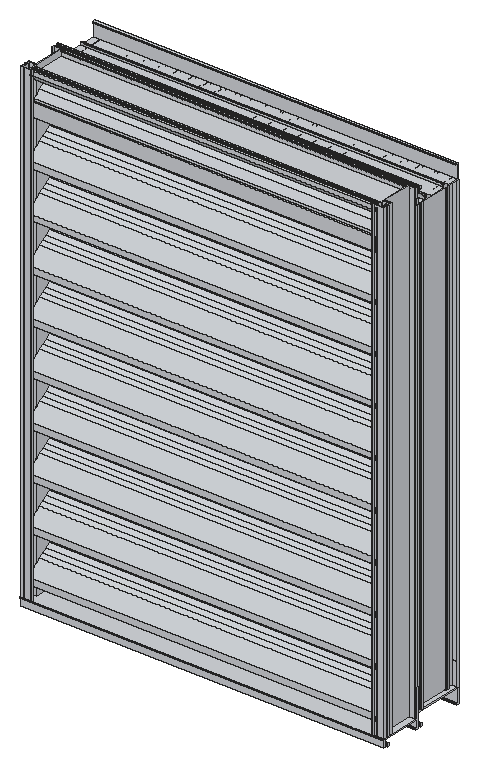
Revit family "D-HV-9", category Mechanical Equipment, Revit 2021 (continued)
Definition of nested family "EL-4"
  Automatic sketch dimensions
    Extrusion 1 sketch curve to plane 7 = 0' - 0"  (x2)
    plane 1 "Center (Front/Back)" to Extrusion 1 sketch curve = 0' - 0"
    Extrusion 1 sketch curve to plane 1 "Center (Front/Back)" = 0' - 0.05163"
    Extrusion 1 sketch curve to plane 1 "Center (Front/Back)" = 0' - 0.13263"
    Extrusion 1 sketch curve to Extrusion 1 sketch curve = 0' - 0"
    Extrusion 1 sketch curve to Extrusion 1 sketch curve = 0' - 0.081"  (x8)
    Extrusion 1 sketch curve to Extrusion 1 sketch curve = 0' - 0.107"  (x2)
    Extrusion 1 sketch curve to Extrusion 1 sketch curve = 0' - 0.138"
    Extrusion 1 sketch curve to Extrusion 1 sketch curve = 0' - 0.219"
    Extrusion 1 sketch curve to Extrusion 1 sketch curve = 0' - 0.062"  (x2)
    Extrusion 1 sketch curve to plane 4 = 0' - 0.127"
    Extrusion 1 sketch curve to Extrusion 1 sketch curve = 0' - 0.338"
    Extrusion 1 sketch curve to Extrusion 1 sketch curve = 0' - 2.893"
    plane 7 to Extrusion 1 sketch curve = 0' - 0.081"  (x2)
    Extrusion 1 sketch curve to Extrusion 1 sketch curve = 0' - 0.031"
    Extrusion 1 sketch curve to Extrusion 1 sketch curve = 0' - 0.05"
    Extrusion 1 sketch curve to plane 4 = 0' - 0.046"  (x3)
    Extrusion 1 sketch curve to Extrusion 1 sketch curve = 0' - 0.088"
    Extrusion 1 sketch curve to plane 7 = 0' - 0.18846"
    Extrusion 1 sketch curve to Extrusion 1 sketch curve = 0' - 0.291"
    Extrusion 1 sketch curve to Extrusion 1 sketch curve = 0' - 0.10254"
    Extrusion 2 sketch curve to plane 5 = 0' - 0"  (x2)
    Extrusion 2 sketch curve to plane 8 = 0' - 0"  (x2)
    plane 1 "Center (Front/Back)" to Extrusion 2 sketch curve = 0' - 0"
    Extrusion 2 sketch curve to plane 1 "Center (Front/Back)" = 0' - 0.05163"
    Extrusion 2 sketch curve to plane 1 "Center (Front/Back)" = 0' - 0.13263"
    Extrusion 2 sketch curve to Extrusion 2 sketch curve = 0' - 0"
    Extrusion 2 sketch curve to Extrusion 2 sketch curve = 0' - 0.081"  (x6)
    Extrusion 2 sketch curve to Extrusion 2 sketch curve = 0' - 0.107"  (x2)
    Extrusion 2 sketch curve to Extrusion 2 sketch curve = 0' - 0.138"
    Extrusion 2 sketch curve to Extrusion 2 sketch curve = 0' - 0.219"
    Extrusion 2 sketch curve to Extrusion 2 sketch curve = 0' - 0.062"  (x2)
    plane 5 to Extrusion 2 sketch curve = 0' - 0.127"  (x2)
    Extrusion 2 sketch curve to Extrusion 2 sketch curve = 0' - 0.338"
    Extrusion 2 sketch curve to Extrusion 2 sketch curve = 0' - 2.893"
    Extrusion 2 sketch curve to plane 8 = 0' - 0.081"  (x2)
    Extrusion 2 sketch curve to Extrusion 2 sketch curve = 0' - 0.031"
    Extrusion 2 sketch curve to Extrusion 2 sketch curve = 0' - 0.05"
    plane 8 to Extrusion 2 sketch curve = 0' - 0.18846"
    Extrusion 2 sketch curve to Extrusion 2 sketch curve = 0' - 0.291"
    Extrusion 2 sketch curve to Extrusion 2 sketch curve = 0' - 0.10254"
    plane 5 to Extrusion 2 sketch curve = 0' - 0.296"
    Extrusion 2 sketch curve to Extrusion 2 sketch curve = 0' - 0.088"
    plane 5 to Extrusion 2 sketch curve = 0' - 0.046"  (x3)
    Extrusion 3 sketch curve to plane 1 "Center (Front/Back)" = 0' - 0"
    Extrusion 3 sketch curve to level = 0' - 0"  (x2)
    Extrusion 3 sketch curve to plane 9 = 0' - 0"
    Extrusion 3 sketch curve to Extrusion 3 sketch curve = 0' - 0.05163"
    Extrusion 3 sketch curve to Extrusion 3 sketch curve = 0' - 0.081"  (x6)
    Extrusion 3 sketch curve to Extrusion 3 sketch curve = 0' - 0"  (x2)
    Extrusion 3 sketch curve to Extrusion 3 sketch curve = 0' - 0.137"
    level to Extrusion 3 sketch curve = 0' - 0.075"  (x2)
    Extrusion 3 sketch curve to Extrusion 3 sketch curve = 0' - 0.219"
    Extrusion 3 sketch curve to Extrusion 3 sketch curve = 0' - 0.063"  (x2)
    Extrusion 3 sketch curve to Extrusion 3 sketch curve = 0' - 3.393"
    Extrusion 3 sketch curve to Extrusion 3 sketch curve = 0' - 0.107"
    level to Extrusion 3 sketch curve = 0' - 0.081"
    Extrusion 3 sketch curve to Extrusion 3 sketch curve = 0' - 0.088"
    Extrusion 3 sketch curve to plane 9 = 0' - 0.081"  (x2)
    Extrusion 3 sketch curve to Extrusion 3 sketch curve = 0' - 2.8"
    Extrusion 4 sketch curve to plane 6 = 0' - 2.84428"
    Extrusion 4 sketch curve to plane 1 "Center (Front/Back)" = 0' - 0.13263"
    Extrusion 4 sketch curve to Extrusion 4 sketch curve = 0' - 0.08082"
    Extrusion 4 sketch curve to Extrusion 4 sketch curve = 0' - 0"  (x3)
    Extrusion 4 sketch curve to Extrusion 4 sketch curve = 0' - 0.081"  (x10)
    Extrusion 4 sketch curve to Extrusion 4 sketch curve = 0' - 0.03198"  (x2)
    Extrusion 4 sketch curve to Extrusion 4 sketch curve = 0' - 0.05689"
    Extrusion 4 sketch curve to Extrusion 4 sketch curve = 0' - 0.08014"
    Extrusion 4 sketch curve to Extrusion 4 sketch curve = 0' - 0.219"
    Extrusion 4 sketch curve to Extrusion 4 sketch curve = 0' - 0.062"
    Extrusion 4 sketch curve to Extrusion 4 sketch curve = 0' - 0.05581"  (x2)
    Extrusion 4 sketch curve to Extrusion 4 sketch curve = 0' - 0.55071"
    Extrusion 4 sketch curve to Extrusion 4 sketch curve = 0' - 0.60196"
    Extrusion 4 sketch curve to plane 6 = 0' - 1.28267"
    Extrusion 4 sketch curve to Extrusion 4 sketch curve = 0' - 0.05657"  (x2)
    Extrusion 4 sketch curve to plane 6 = 0' - 2.27257"
    Extrusion 4 sketch curve to Extrusion 4 sketch curve = 0' - 0.36847"
    Extrusion 4 sketch curve to plane 6 = 0' - 2.33733"
    Extrusion 4 sketch curve to Extrusion 4 sketch curve = 0' - 0.05432"
    Extrusion 4 sketch curve to plane 6 = 0' - 2.23804"
    Extrusion 4 sketch curve to Extrusion 4 sketch curve = 0' - 0.14837"
    Extrusion 4 sketch curve to plane 6 = 0' - 2.00337"
    Extrusion 4 sketch curve to Extrusion 4 sketch curve = 0' - 0.36319"
    Extrusion 4 sketch curve to plane 6 = 0' - 1.47813"
    Extrusion 4 sketch curve to Extrusion 4 sketch curve = 0' - 0.66366"
    Extrusion 4 sketch curve to plane 6 = 0' - 1.53604"
    Extrusion 4 sketch curve to Extrusion 4 sketch curve = 0' - 0.05962"
    Extrusion 4 sketch curve to Extrusion 4 sketch curve = 0' - 0.83219"
    Extrusion 4 sketch curve to Extrusion 4 sketch curve = 0' - 0.11207"
    Extrusion 4 sketch curve to Extrusion 4 sketch curve = 0' - 0.48673"
    Extrusion 4 sketch curve to Extrusion 4 sketch curve = 0' - 0.107"
    Extrusion 4 sketch curve to Extrusion 4 sketch curve = 0' - 0.10997"
    Extrusion 4 sketch curve to Extrusion 4 sketch curve = 0' - 0.0243"
    Extrusion 4 sketch curve to Extrusion 4 sketch curve = 0' - 0.52766"
    Extrusion 4 sketch curve to Extrusion 4 sketch curve = 0' - 0.04177"
    Extrusion 4 sketch curve to Extrusion 4 sketch curve = 0' - 0.39203"
    Extrusion 4 sketch curve to Extrusion 4 sketch curve = 0' - 0.09943"
    Extrusion 4 sketch curve to Extrusion 4 sketch curve = 0' - 0.18404"
    Extrusion 4 sketch curve to Extrusion 4 sketch curve = 0' - 0.01691"
    Extrusion 4 sketch curve to Extrusion 4 sketch curve = 0' - 0.25086"
    Extrusion 4 sketch curve to Extrusion 4 sketch curve = 0' - 0 1/4"
    Extrusion 4 sketch curve to Extrusion 4 sketch curve = 0' - 0.18702"
    Extrusion 4 sketch curve to Extrusion 4 sketch curve = 0' - 0.088"  (x2)
    Extrusion 4 sketch curve to Extrusion 4 sketch curve = 0' - 0.463"
    Extrusion 4 sketch curve to Extrusion 4 sketch curve = 0' - 0.075"
    Extrusion 4 sketch curve to Extrusion 4 sketch curve = 0' - 0.08116"
  Nested families (in)
    nested 1: "EL-4 Blade" at (0, 4.92101, 35.5882), type "EL-4 Blade"
      with Blade Width 3' - 10 5/16"
    nested 2: "EL-4 Blade" at (0, 4.92101, 30.9632), type "EL-4 Blade"
      with Blade Width 3' - 10 5/16"
    nested 3: "EL-4 Blade" at (0, 4.92101, 26.3382), type "EL-4 Blade"
      with Blade Width 3' - 10 5/16"
    nested 4: "EL-4 Blade" at (0, 4.92101, 21.7132), type "EL-4 Blade"
      with Blade Width 3' - 10 5/16"
    nested 5: "EL-4 Blade" at (0, 4.92101, 17.0882), type "EL-4 Blade"
      with Blade Width 3' - 10 5/16"
    nested 6: "EL-4 Blade" at (0, 4.92101, 12.4632), type "EL-4 Blade"
      with Blade Width 3' - 10 5/16"
    nested 7: "EL-4 Blade" at (0, 4.92101, 7.8382), type "EL-4 Blade"
      with Blade Width 3' - 10 5/16"
    nested 8: "EL-4 Blade" at (0, 4.92101, 3.2132), type "EL-4 Blade"
      with Blade Width 3' - 10 5/16"
    nested 9: "EL-4 Blade" at (0, 4.92101, -1.4118), type "EL-4 Blade"
      with Blade Width 3' - 10 5/16"
  Definition of nested family "EL-4 Blade"
    Parameters (values of type "EL-4 Blade")
      Default Elevation = 0' - 0"
      Blade Width = 1' - 6"
    Reference planes (in)
      plane 1 "Center (Front/Back)": y = 0
      plane 2: z = 0
      plane 3 "Center (Left/Right)": x = 0
      plane 4: x = -9
      plane 5: x = 9
    Forms (in)
      Extrusion 1, solid
        sketch origin (-10.70347, -9.60614, 8.80962) x (0, 1, 0) y (0, 0, 1)
          loop
            line (4.81777, -5.22142) -> (4.89877, -5.20451) -> (4.89877, -4.65643) -> (5.94601, -3.32804) -> (6.10223, -3.26126) -> (6.59277, -2.97805) -> (7.06625, -2.63173) -> (7.46443, -2.27055) -> (7.87309, -1.81036) -> (7.93365, -1.7391) -> (8.19133, -1.64781) -> (8.77529, -1.64781) -> (8.77529, -0.39781) -> (8.65029, -0.39781) -> (8.65029, -0.47911) -> (8.69429, -0.47911) -> (8.69429, -1.56681) -> (8.17804, -1.56681) -> (7.88437, -1.66476) -> (7.54911, -2.06666) -> (7.20133, -2.41027) -> (6.79536, -2.74072) -> (6.37764, -3.0179) -> (5.92224, -3.26034) -> (4.81777, -4.61709) -> (4.81777, -5.22142)
        from 1.70347 to 19.70347
    Dimensions and locks (in)
      equal spacing: plane 4, plane 3 "Center (Left/Right)", plane 5
      "Blade Width": plane 4 to plane 5
      aligned and locked: level to plane 2
      aligned and locked: plane 4 to Extrusion 1
      aligned and locked: plane 5 to Extrusion 1
    Automatic sketch dimensions
      plane 1 "Center (Front/Back)" to Extrusion 1 sketch curve = 0' - 4.78838"
      Extrusion 1 sketch curve to Extrusion 1 sketch curve = 0' - 0.081"  (x3)
      Extrusion 1 sketch curve to Extrusion 1 sketch curve = 0' - 1.02348"
      Extrusion 1 sketch curve to Extrusion 1 sketch curve = 0' - 0.02377"
      Extrusion 1 sketch curve to Extrusion 1 sketch curve = 0' - 0.15623"
      Extrusion 1 sketch curve to Extrusion 1 sketch curve = 0' - 0.27541"
      Extrusion 1 sketch curve to Extrusion 1 sketch curve = 0' - 0.21513"
      Extrusion 1 sketch curve to Extrusion 1 sketch curve = 0' - 0.20259"
      Extrusion 1 sketch curve to Extrusion 1 sketch curve = 0' - 0.27089"
      Extrusion 1 sketch curve to Extrusion 1 sketch curve = 0' - 0.13508"
      Extrusion 1 sketch curve to Extrusion 1 sketch curve = 0' - 0.2631"
      Extrusion 1 sketch curve to Extrusion 1 sketch curve = 0' - 0.08468"
      Extrusion 1 sketch curve to Extrusion 1 sketch curve = 0' - 0.32399"
      Extrusion 1 sketch curve to Extrusion 1 sketch curve = 0' - 0.01128"
      Extrusion 1 sketch curve to Extrusion 1 sketch curve = 0' - 0.04928"
      Extrusion 1 sketch curve to Extrusion 1 sketch curve = 0' - 0.24439"
      Extrusion 1 sketch curve to Extrusion 1 sketch curve = 0' - 0.01329"
      plane 1 "Center (Front/Back)" to Extrusion 1 sketch curve = 0' - 0.95585"
      Extrusion 1 sketch curve to Extrusion 1 sketch curve = 0' - 0.044"
      level to Extrusion 1 sketch curve = 0' - 3.5882"
      Extrusion 1 sketch curve to Extrusion 1 sketch curve = 0' - 0.01691"
      Extrusion 1 sketch curve to Extrusion 1 sketch curve = 0' - 0.54808"
      Extrusion 1 sketch curve to Extrusion 1 sketch curve = 0' - 0.03934"
      Extrusion 1 sketch curve to Extrusion 1 sketch curve = 0' - 1.32839"
      Extrusion 1 sketch curve to Extrusion 1 sketch curve = 0' - 0.06678"
      Extrusion 1 sketch curve to Extrusion 1 sketch curve = 0' - 0.0677"
      Extrusion 1 sketch curve to Extrusion 1 sketch curve = 0' - 0.24336"
      Extrusion 1 sketch curve to Extrusion 1 sketch curve = 0' - 0.03985"
      Extrusion 1 sketch curve to Extrusion 1 sketch curve = 0' - 0.23733"
      Extrusion 1 sketch curve to Extrusion 1 sketch curve = 0' - 0.10899"
      Extrusion 1 sketch curve to Extrusion 1 sketch curve = 0' - 0.22146"
      Extrusion 1 sketch curve to Extrusion 1 sketch curve = 0' - 0.13972"
      Extrusion 1 sketch curve to Extrusion 1 sketch curve = 0' - 0.20389"
      Extrusion 1 sketch curve to Extrusion 1 sketch curve = 0' - 0.2563"
      Extrusion 1 sketch curve to Extrusion 1 sketch curve = 0' - 0.07127"
      Extrusion 1 sketch curve to Extrusion 1 sketch curve = 0' - 0.07433"
      Extrusion 1 sketch curve to Extrusion 1 sketch curve = 0' - 0.09128"
      Extrusion 1 sketch curve to Extrusion 1 sketch curve = 0' - 1.0877"
      Extrusion 1 sketch curve to Extrusion 1 sketch curve = 0' - 0.0813"
